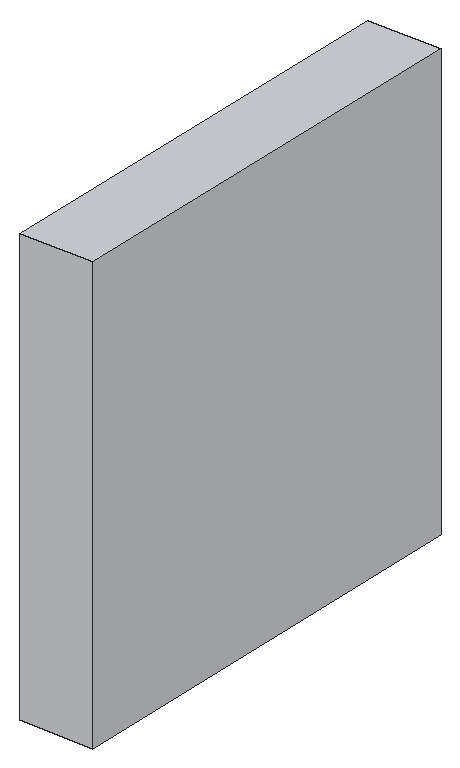
Revit family "Rectangular-Duct-Endcap-w-KoolDuct-Insulation-System", category Duct Fittings, Revit 2026
Family settings
  Round Connector Dimension = Use Diameter
  Part Type = Cap
  Classification Number = 23.75.70.14
  Work Plane-Based = No
  Always vertical = Yes
  Cut with Voids When Loaded = No
  Shared = No
Parameters (values of type "KoolDuct Duct")
  Width [instance] = 12"
  built-in parameter 1114242 [instance] = (empty or 0)
  URL = "http://www.trustgreenguard.com/hvac-ductwork/kingspan-koolduct-system/"
  Type Comments = ""
  Specification = "http://www.arcat.com/sdspecs/htm04/23_31_00ksp.htm"
  Sales Information = "http://www.trustgreenguard.com/contact/"
  Revision = "R1_2016-10"
  Product Properties = "http://www.trustgreenguard.com/knowledge-base/ductwork/"
  Product Data = "http://www.arcat.com/arcatcos/cos49/arc49893.html"
  Model = "Rectangular Duct Endcap w/ KoolDuct Insulation"
  Manufacturer Website = "http://www.trustgreenguard.com/hvac-ductwork/kingspan-koolduct-system/"
  Manufacturer Phone - Toll Free = "800-241-4402"
  Manufacturer Phone = "678-589-7300"
  Manufacturer Fax = "678-589-7325"
  Manufacturer Address = "2100 RiverEdge Pkwy. Suite 175; Atlanta; GA 30328"
  Manufacturer = "Kingspan Insulation LLC"
  Lining Width [instance] = Width - 2 * Lining Thickness  # 12"
  Lining Thickness [instance] = 0"
  Lining Height [instance] = Height - 2 * Lining Thickness  # 12"
  Length = 1"
  Keynote = "23 07 19"
  Insulation Width [instance] = Width + 2 * Insulation Thickness  # 15"
  Insulation Thickness = 1 1/2"
  Insulation Height [instance] = Height + 2 * Insulation Thickness  # 15"
  Installation-Fabrication = "http://www.trustgreenguard.com/knowledge-base/ductwork/"
  Height [instance] = 12"
  Drawn By = "Sumex Design / Robert S Weygant"
  Description = "Rectangular Duct Endcap w/ KoolDuct Insulation System"
  Default Elevation = 0' - 0"
  Cost = 0
  Copyright = "� 2016 ARCAT Inc."
  Construction Details = "http://www.arcat.com/details/kinginsu/kinginsu.html?coid=49893"
  Assembly Code = "D3040100"
Reference planes (in)
  plane 1 "Center (Front/Back)": y = 0
  plane 2: z = 0
  plane 3 "Center (Left/Right)": x = 0
  plane 4: x = 1
  plane 5: x = 2.5
Forms (in)
  Sweep 1, solid, detail levels medium+fine
    path in 3D
      loop
        line (0, 0, 0) -> (1, 0, 0)
    profile "Duct - Rectangular : Duct - Rectangular" origin (0.5, 0, 0) x (0, 1, 0) y (0, 0, 1)
      loop
        line (-6, 6) -> (-6, -6) -> (6, -6) -> (6, 6) -> (-6, 6)
  Sweep 2, solid, detail levels medium+fine
    path in 3D
      loop
        line (0, 0, 0) -> (2.5, 0, 0)
    profile "Duct - Rectangular : Duct - Insulation" origin (1.25, 0, 0) x (0, 1, 0) y (0, 0, 1)
      loop
        line (-7.5, 7.5) -> (-7.5, -7.5) -> (7.5, -7.5) -> (7.5, 7.5) -> (-7.5, 7.5)
  Sweep 3, solid, detail levels medium+fine
    path in 3D
      loop
        line (0, 0, 0) -> (1, 0, 0)
    profile "Duct - Rectangular : Duct - Lining" origin (0.5, 0, 0) x (0, 1, 0) y (0, 0, 1)
      loop
        line (-6, 6) -> (-6, -6) -> (6, -6) -> (6, 6) -> (-6, 6)
Lines and regions (in)
  reference lines
    curve 1: line (0, 0, 0) -> (1, 0, 0)
    curve 7: line (0, 0, 0) -> (2.5, 0, 0)
  sketch lines
    curve 2: line (0, 0, 0) -> (1, 0, 0)
    curve 3: line (0, 0, 0) -> (1, 0, 0)
    curve 8: line (0, 0, 0) -> (2.5, 0, 0)
  model lines, style "DuctFitting", detail levels coarse
    curve 4: line (0, 6, 0) -> (0, -6, 0)
    curve 5: line (0, -6, 0) -> (-4, -6, 0)
    curve 6: line (0, 6, 0) -> (-4, 6, 0)
Dimensions and locks (in)
  "Length": plane 3 "Center (Left/Right)" to plane 4
  "Insulation Thickness": plane 5 to plane 4
  aligned and locked: plane 1 "Center (Front/Back)" to curve 1
  aligned and locked: plane 3 "Center (Left/Right)" to curve 1
  aligned and locked: Sweep 1 to curve 6
  aligned and locked: curve 5 to Sweep 3
  aligned and locked: plane 5 to curve 7
  aligned and locked: plane 3 "Center (Left/Right)" to curve 7
  aligned and locked: plane 1 "Center (Front/Back)" to curve 7
Automatic sketch dimensions
  curve 6 to plane 3 "Center (Left/Right)" = 0' - 0"
  curve 6 to curve 4 = 0' - 4"
  curve 5 to curve 4 = 0' - 4"
  curve 1 to plane 4 = 0' - 0"
Connectors (in)
  hvac at (0, 0, 0), driven by "Height", driven by "Width"
    settings: on Sweep 1, index 1, duct flow 0 CFM, flow factor 0, pres drop 0.00 in-wg, loss coef 0, conn angle 0.00°, conn width 12", conn height 12", conn diameter 24", duct sys type 28, conn prof type 1, flow config 0, flow direction 0, loss method 0, conn ref index -1, conn util no, is conn primary yes, conn desc ""
